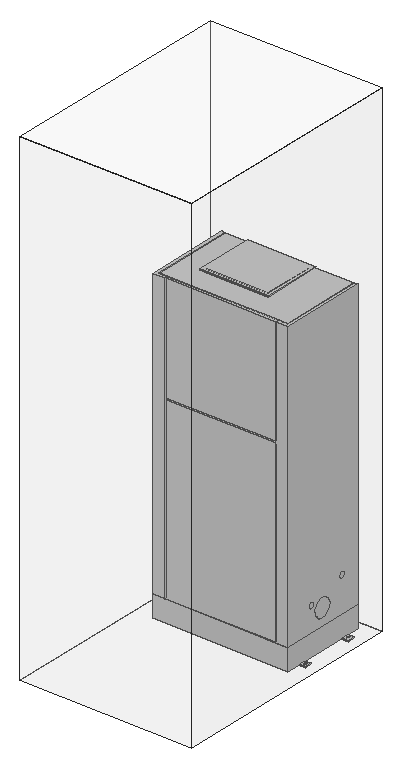
Revit family "pfav-p167_1600dmj1-f_60Hz", category 機械設備, Revit 2019
Family settings
  丸型コネクタ寸法 = 直径を使用
  パーツ タイプ = 標準
  OmniClass 番号 = 23.75.10.24.21.27.27
  OmniClass タイトル = Split System Air Conditioning Units
  作業面ベース = いいえ
  常に垂直 = はい
  ロード時にボイドで切り取り = いいえ
  共有 = いいえ
  部屋計算ポイント = いいえ
Parameters (values of type "PFAV-P167DMJ1-F")
  風量（m3／min） = 20
  風量 = MAX風量  # 1200.0 m³/h
  音響パワーレベル(dB) = 61
  電源種別 = ""
  電圧_電気ヒーター = 0 V
  電圧 = 200 V
  電動機出力_送風機 = 1200 W
  電動機出力_圧縮機 = 0 W
  運転質量 = 0.00 kg
  連動 = ""
  質量 = if(製品質量 > 運転質量, 製品質量, 運転質量) * 1.2  # 147.60 kg
  負荷分類 = 3_ファン類
  説明 = "設備用パッケージエアコン 空冷床置形・冷暖兼用 ファシレアＤＤオールフレッシュシリーズ"
  設計暖房能力 [instance] = 0 kW
  設計冷房能力_顕熱 [instance] = 0 kW
  設計冷房能力 [instance] = 0 kW
  設置方法 = "床置形"
  記号 [instance] = ""
  製造元 = "三菱電機株式会社"
  製品質量 = 123.00 kg
  製品出荷対象 = "国内"
  製品リリース年月 = "2017年4月18日"
  製品グループ = ""
  系統 [instance] = ""
  符号 = "PAC-FRV(J)"
  積算_科目 = "1 空気調和設備"
  積算_拾い区分 [instance] = ""
  相_電気ヒーター = 1
  相 = 3
  盤記号 [instance] = ""
  発停方法 = ""
  特殊仕様 [instance] = ""
  火災停止 = ""
  消費電力_電気ヒーター = 0 W
  消費電力_暖房 = 80 W
  消費電力_加湿器 = 0 W
  消費電力_冷房 = 80 W
  消費電力 = if(消費電力_冷房 > 消費電力_暖房, 消費電力_冷房, 消費電力_暖房) + 消費電力_加湿器 + 消費電力_電気ヒーター  # 80 W
  法定耐用年数 = "15"
  機械基礎質量 [instance] = 0.00 kg
  機械基礎_W = 0.00 mm
  機械基礎_H = 0.00 mm
  機械基礎_D = 0.00 mm
  機械基礎 [instance] = yes
  機外静圧 = 30.0 Pa
  極数 = 3
  材質 [instance] = ""
  本体マテリアル = none
  有効加湿量 = 0
  最小電線太さ_mm2 = 1.6
  最大電流値 = 5 A
  暖房能力 = 12.5 kW
  推奨ブレーカー容量 = 15 A
  形式_加湿器 = ""
  形式 = "床置（露出）立形"
  形名 = PFAV-P-DMJ-F : PFAV-P167DMJ1-F
  幹線記号 [instance] = ""
  始動方式 = "直入"
  呼称 = "パッケージ形空気調和機_室内機"
  周波数 = 60 Hz
  台数_手元リモコン [instance] = ""
  台数_冷媒分岐ユニット [instance] = ""
  参照している仕様書等のバージョン = "公共建築工事標準仕様書（機械設備工事編）平成31年度版"
  加湿給水管径 = 27.00 mm
  分類コード = "50053003083040"
  分類グループ = ""
  冷房能力 = 14 kW
  冷媒高低圧ガス管径 = 0.00 mm
  冷媒管径符号 = "Bd"
  冷媒管径 = 100.00 mm
  冷媒液管径 = 9.52 mm
  冷媒ガス管径 = 15.88 mm
  価格 = 0
  企業コード = "108420"
  付属品_フィルター = ""
  付属品 [instance] = ""
  仕様書バージョン = "Version1.0"
  モデル = "PFAV-P167DMJ1-F"
  ドレン管径 = 34.00 mm
  ダクト高_OA = 406 mm
  ダクト高 = 334 mm
  ダクト幅_OA = 668 mm
  ダクト幅 = 383 mm
  サービススペース = yes
  コメント [instance] = ""
  Keynote = ""
  Width = 760.00 mm
  Version = ""
  Uniclass2015Version = "Systems v1.9"
  Uniclass2015Title = "Split coil remote air cooled condensing units"
  Uniclass2015Code = "Pr_70_65_03_84"
  URL = "https://www.mitsubishielectric.co.jp/ldg/wink/ssl/displayProduct.do?pid=278596"
  S寸法 = 150.00 mm
  SpecificationReference = ""
  SpecificationDescription = ""
  Revision = ""
  ProductInformation = ""
  OmniClassCode = "23-33 17 13 11"
  OAダクト位置_縦 = 120.00 mm
  OAダクト位置_横 = 46.00 mm
  MAX風量 = 風量（m3／min） * 60.0 m³/h  # 1200.0 m³/h
  IfcTypeProduct = ""
  IfcProduct = ""
  IfcExportType = "AIRCONDITIONINGUNIT"
  IfcExportAs = "IfcUnitaryEquipmentType"
  Height = 1730.00 mm
  Depth = 485.00 mm
  Clearance Top = 1000.00 mm
  Clearance Right = 100.00 mm
  Clearance Left = 100.00 mm
  Clearance Front = 800.00 mm
  Clearance Back = 50.00 mm
  COP = 0
  Author = "三菱電機株式会社"
  APF = 4.7
Types (8, lengths in mm): name | 風量（m3／min） | 風量 | 音響パワーレベル(dB) | 電動機出力_送風機 | 質量 | 製品質量 | 消費電力_暖房 | 消費電力_冷房 | 消費電力 | 機外静圧 | 最小電線太さ_mm2 | 最大電流値 | 暖房能力 | 推奨ブレーカー容量 | 形名 | 冷房能力 | 冷媒管径符号 | 冷媒液管径 | 冷媒ガス管径 | モデル | ドレン管径 | ダクト高_OA | ダクト高 | ダクト幅_OA | ダクト幅 | Width | URL | OAダクト位置_縦 | OAダクト位置_横 | MAX風量 | Height | Depth | Clearance Left | Clearance Front | Clearance Back | APF
  PFAV-P167DMJ1-F | 20 | 1200.0 m³/h | 61 | 1200 W | 147.60 kg | 123.00 kg | 80 W | 80 W | 80 W | 30.0 Pa | 1.6 | 5 A | 12.5 kW | 15 A | PFAV-P-DMJ-F : PFAV-P167DMJ1-F | 14 kW | "Bd" | 9.52 | 15.88 | "PFAV-P167DMJ1-F" | 34.00 | 406 | 334 | 668 | 383 | 760.00 | "https://www.mitsubishielectric.co.jp/ldg/wink/ssl/displayProduct.do?pid=278596" | 120.00 | 46.00 | 1200.0 m³/h | 1730.00 | 485.00 | 100.00 | 800.00 | 50.00 | 4.7
  PFAV-P530DMJ1-F | 70 | 4200.0 m³/h | 76 | 3000 W | 248.40 kg | 207.00 kg | 680 W | 680 W | 680 W | 110.0 Pa | 1.6 | 8.8 A | 45 kW | 15 A | PFAV-P-DMJ-F : PFAV-P530DMJ1-F | 53 kW | "Ch" | 12.70 | 28.58 | "PFAV-P530DMJ1-F" | 34.00 | 605 | 489 | 1126 | 1046 | 1200.00 | "https://www.mitsubishielectric.co.jp/ldg/wink/ssl/displayProduct.do?pid=278599" | 553.00 | 37.00 | 4200.0 m³/h | 1897.00 | 635.00 | 100.00 | 800.00 | 50.00 | 5
  PFAV-P670DMJ1-F | 90 | 5400.0 m³/h | 75 | 3000 W | 248.40 kg | 207.00 kg | 1400 W | 1400 W | 1400 W | 110.0 Pa | 1.6 | 8.8 A | 63 kW | 15 A | PFAV-P-DMJ-F : PFAV-P670DMJ1-F | 63 kW | "Ei" | 19.05 | 31.75 | "PFAV-P670DMJ1-F" | 34.00 | 605 | 489 | 1126 | 1046 | 1200.00 | "https://www.mitsubishielectric.co.jp/ldg/wink/ssl/displayProduct.do?pid=278600" | 553.00 | 37.00 | 5400.0 m³/h | 1897.00 | 635.00 | 100.00 | 800.00 | 50.00 | 0
  PFAV-P265DMJ1-F | 35 | 2100.0 m³/h | 68 | 1200 W | 165.60 kg | 138.00 kg | 300 W | 300 W | 300 W | 50.0 Pa | 1.6 | 5.8 A | 20 kW | 15 A | PFAV-P-DMJ-F : PFAV-P265DMJ1-F | 22.4 kW | "Be" | 9.52 | 19.05 | "PFAV-P265DMJ1-F" | 34.00 | 407 | 334 | 888 | 715 | 980.00 | "https://www.mitsubishielectric.co.jp/ldg/wink/ssl/displayProduct.do?pid=278597" | 120.00 | 46.00 | 2100.0 m³/h | 1730.00 | 485.00 | 100.00 | 800.00 | 50.00 | 5.1
  PFAV-P335DMJ1-F | 65 | 3900.0 m³/h | 68 | 1200 W | 170.40 kg | 142.00 kg | 390 W | 390 W | 390 W | 80.0 Pa | 1.6 | 5.8 A | 26.5 kW | 15 A | PFAV-P-DMJ-F : PFAV-P335DMJ1-F | 28 kW | "Bf" | 9.52 | 22.20 | "PFAV-P335DMJ1-F" | 34.00 | 407 | 334 | 888 | 715 | 980.00 | "https://www.mitsubishielectric.co.jp/ldg/wink/ssl/displayProduct.do?pid=278598" | 120.00 | 46.00 | 3900.0 m³/h | 1730.00 | 485.00 | 100.00 | 800.00 | 50.00 | 5
  PFAV-P1000DMJ1-F | 120 | 7200.0 m³/h | 78 | 7500 W | 508.80 kg | 424.00 kg | 1290 W | 1290 W | 1290 W | 190.0 Pa | 2 | 19.3 A | 71 kW | 40 A | PFAV-P-DMJ-F : PFAV-P1000DMJ1-F | 80 kW | "Ei" | 19.10 | 31.80 | "PFAV-P1000DMJ1-F" | 42.70 | 1632 | 416 | 1547 | 554 | 1750.00 | "https://www.mitsubishielectric.co.jp/ldg/wink/ssl/displayProduct.do?pid=278601" | 161.00 | 177.00 | 7200.0 m³/h | 1830.00 | 1064.00 | 750.00 | 800.00 | 400.00 | 0
  PFAV-P1250DMJ1-F | 150 | 9000.0 m³/h | 77 | 7500 W | 529.20 kg | 441.00 kg | 1460 W | 1460 W | 1460 W | 245.0 Pa | 5.5 | 21 A | 90 kW | 40 A | PFAV-P-DMJ-F : PFAV-P1250DMJ1-F | 112 kW | "Ek" | 19.10 | 38.10 | "PFAV-P1250DMJ1-F" | 42.70 | 1632 | 416 | 1547 | 554 | 1750.00 | "https://www.mitsubishielectric.co.jp/ldg/wink/ssl/displayProduct.do?pid=278615" | 161.00 | 177.00 | 9000.0 m³/h | 1830.00 | 1064.00 | 750.00 | 800.00 | 400.00 | 0
  PFAV-P1600DMJ1-F | 200 | 12000.0 m³/h | 82 | 7500 W | 604.80 kg | 504.00 kg | 2010 W | 2010 W | 2010 W | 235.0 Pa | 5.5 | 21 A | 160 kW | 40 A | PFAV-P-DMJ-F : PFAV-P1600DMJ1-F | 140 kW | "Ek" | 19.10 | 38.10 | "PFAV-P1600DMJ1-F" | 42.70 | 1632 | 416 | 1842 | 554 | 2045.00 | "https://www.mitsubishielectric.co.jp/ldg/wink/ssl/displayProduct.do?pid=278591" | 161.00 | 177.00 | 12000.0 m³/h | 1830.00 | 1064.00 | 750.00 | 850.00 | 400.00 | 0
Reference planes
  plane 1: z = 0
  plane 2: z = 1730
  plane 3: z = 0
  plane 4: z = 2730
  plane 5 "中心(正面/背面)": y = -242.5
  plane 6 "中心(左/右)": x = 0
  plane 7 "左": x = -380
  plane 8 "右": x = 380
  plane 9 "正面": y = -485
  plane 10 "背面": y = 0
  plane 11: y = 150
  plane 12: x = -530
  plane 13: y = -635
  plane 14: y = 50
  plane 15: y = -1285
  plane 16: x = -480
  plane 17: x = 480
  plane 18: x = 530
Dimensions and locks
  "Height": plane 2 to plane 3
  "Clearance Top": plane 4 to plane 2
  equal spacing: plane 7 "左", plane 6 "中心(左/右)", plane 8 "右"
  "Width": plane 7 "左" to plane 8 "右"
  equal spacing: plane 9 "正面", plane 5 "中心(正面/背面)", plane 10 "背面"
  "Depth": plane 9 "正面" to plane 10 "背面"
  "S寸法": plane 10 "背面" to plane 11
  "S寸法": plane 13 to plane 9 "正面"
  "S寸法": plane 12 to plane 7 "左"
  "Clearance Left": plane 16 to plane 7 "左"
  "Clearance Right": plane 8 "右" to plane 17
  "Clearance Front": plane 15 to plane 9 "正面"
  "Clearance Back": plane 10 "背面" to plane 14
  "S寸法": plane 8 "右" to plane 18
  "機械基礎_H": plane 3 to level
  aligned and locked: level to plane 1
  aligned and locked: plane 17 to nested 1
  aligned and locked: plane 15 to nested 1
  aligned and locked: nested 1 to plane 16
  aligned and locked: nested 1 to plane 14
  aligned and locked: plane 4 to nested 1
  aligned and locked: plane 6 "中心(左/右)" to nested 2
  aligned and locked: plane 5 "中心(正面/背面)" to nested 2
  aligned and locked: plane 1 to nested 1
  aligned and locked: plane 3 to nested 2
Nested families
  nested 1: "サービススペース(PFAV-P-DMJ-F)" at (0, -617.5, 1365), visible <- "サービススペース", type "サービススペース(PFAV-P-DMJ-F)"
    with Width 960.00 mm, Height 2730.00 mm, Depth 1335.00 mm
  nested 2: "PFAV-P-DMJ-F" at (0, -242.5, 0), type <- "形名", マテリアル1 <- "本体マテリアル", type "PFAV-P167DMJ1-F"
    with 表示 yes, マテリアル2 none, マテリアル1 none
Connectors
  hvac at (-27.5, -186, 1750), driven by "ダクト幅", driven by "ダクト高", driven by "機外静圧", driven by "風量"
    settings: on nested 2, index 1, duct flow 1200.0 m³/h, flow factor 0, pres drop 30.0 Pa, loss coef 0, conn angle 0.00°, conn width 334 mm, conn height 383 mm, conn diameter 609.6 mm, duct sys type 1, conn prof type 1, flow config 1, flow direction 2, loss method 4, conn ref index -1, conn util no, is conn primary yes, conn desc ""
  piping at (383, -249, 217), diameter 100, driven by "冷媒管径", driven by "冷媒管径符号"
    settings: on nested 2, index 2, connector inside diameter 609.60 mm, connector length 0.00 mm, flow factor 0, pipe flow 0.0 L/s, pressure drop 0.0 Pa, fitting loss kfactor 0, connector angle 0.00°, fixture units 0, engagement length 0.00 mm, angle of deflection 0.00°, flow configuration 1, flow direction 1, fitting loss method 4, system type 7, joint type 0, gender type 0, connector reference index -1, connector utility 0, adjustable connector no, is connector primary yes, connector description "Bd"
  electrical at (383, -326, 262), driven by "極数", driven by "負荷分類", driven by "電圧", driven by "消費電力"
    settings: on nested 2, index 4, voltage 200 V, apparent load 80 VA, apparent load phase1 0 VA, apparent load phase2 0 VA, apparent load phase3 0 VA, power factor 1, load classification "3_ファン類", number of poles 3, system type 30, power factor state 1, is connector primary yes, connector utility no, sub classification motor no, connector description ""
  hvac at (0, 41, 323), driven by "機外静圧", driven by "風量", driven by "ダクト高_OA", driven by "ダクト幅_OA"
    settings: on nested 2, index 5, duct flow 1200.0 m³/h, flow factor 0, pres drop 30.0 Pa, loss coef 0, conn angle 0.00°, conn width 668 mm, conn height 406 mm, conn diameter 609.6 mm, duct sys type 2, conn prof type 1, flow config 1, flow direction 1, loss method 4, conn ref index -1, conn util no, is conn primary no, conn desc ""
  piping at (-381, -240, 54), diameter 34, driven by "ドレン管径"
    settings: on nested 2, index 6, connector inside diameter 609.60 mm, connector length 0.00 mm, flow factor 0, pipe flow 0.0 L/s, pressure drop 0.0 Pa, fitting loss kfactor 0, connector angle 0.00°, fixture units 0, engagement length 0.00 mm, angle of deflection 0.00°, flow configuration 1, flow direction 2, fitting loss method 4, system type 16, joint type 0, gender type 0, connector reference index -1, connector utility 0, adjustable connector no, is connector primary no, connector description ""
  piping at (180, 1, 54), diameter 34, driven by "ドレン管径"
    settings: on nested 2, index 7, connector inside diameter 609.60 mm, connector length 0.00 mm, flow factor 0, pipe flow 0.0 L/s, pressure drop 0.0 Pa, fitting loss kfactor 0, connector angle 0.00°, fixture units 0, engagement length 0.00 mm, angle of deflection 0.00°, flow configuration 1, flow direction 2, fitting loss method 4, system type 17, joint type 0, gender type 0, connector reference index -1, connector utility 0, adjustable connector no, is connector primary no, connector description ""
Definition of nested family "サービススペース(PFAV-P-DMJ-F)"
  Parameters (values of type "サービススペース")
    Width [instance] = 500.00 mm
    Height [instance] = 500.00 mm
    Depth [instance] = 500.00 mm
  Reference planes
    plane 1 "中心(正面/背面)": y = 0
    plane 2: z = 0
    plane 3 "中心(左/右)": x = 0
    plane 4: y = -250
    plane 5: x = 250
    plane 6: y = 250
    plane 7: x = -250
    plane 8: z = 250
    plane 9: z = -250
  Forms (mm)
    Extrusion 1, solid
      sketch origin (-638.939, 0, 72.39) x (1, 0, 0) y (0, 1, 0)
        loop
          line (388.939, 250) -> (388.939, -250) -> (888.939, -250) -> (888.939, 250) -> (388.939, 250)
      from -322.39 to 177.61
  Lines and regions (mm)
    symbolic lines
      curve 1: line (-250, 0, 250) -> (250, 0, 250)
      curve 2: line (-250, 0, -250) -> (-250, 0, 250)
      curve 3: line (250, 0, -250) -> (-250, 0, -250)
      curve 4: line (250, 0, 250) -> (250, 0, -250)
      curve 5: line (0, -250, 250) -> (0, 250, 250)
      curve 6: line (0, -250, -250) -> (0, -250, 250)
      curve 7: line (0, 250, -250) -> (0, -250, -250)
      curve 8: line (0, 250, 250) -> (0, 250, -250)
      curve 9: line (-250, 250, 0) -> (250, 250, 0)
      curve 10: line (-250, -250, 0) -> (-250, 250, 0)
      curve 11: line (250, -250, 0) -> (-250, -250, 0)
      curve 12: line (250, 250, 0) -> (250, -250, 0)
  Dimensions and locks
    equal spacing: plane 7, plane 3 "中心(左/右)", plane 5
    equal spacing: plane 4, plane 1 "中心(正面/背面)", plane 6
    "Depth": plane 4 to plane 6
    "Width": plane 7 to plane 5
    equal spacing: plane 8, plane 2, plane 9
    "Height": plane 8 to plane 9
    aligned and locked: plane 9 to curve 3
    aligned and locked: plane 7 to curve 2
    aligned and locked: curve 4 to plane 5
    aligned and locked: plane 5 to Extrusion 1
    aligned and locked: Extrusion 1 to plane 7
    aligned and locked: Extrusion 1 to plane 9
    aligned and locked: plane 8 to Extrusion 1
    aligned and locked: plane 9 to curve 7
  Automatic sketch dimensions
    plane 4 to Extrusion 1 sketch curve = 0.00 mm
    Extrusion 1 sketch curve to plane 7 = 0.00 mm
    Extrusion 1 sketch curve to plane 5 = 0.00 mm
    plane 6 to Extrusion 1 sketch curve = 0.00 mm
    curve 2 to plane 8 = 0.00 mm
    plane 4 to curve 11 = 0.00 mm
    curve 11 to plane 7 = 0.00 mm
    curve 11 to plane 5 = 0.00 mm
    plane 6 to curve 10 = 0.00 mm
    curve 7 to plane 4 = 0.00 mm
    curve 7 to plane 6 = 0.00 mm
    curve 6 to plane 8 = 0.00 mm
Definition of nested family "PFAV-P-DMJ-F"
  Parameters (values of type "PFAV-P1000DMJ1-F")
    液径 = 15.88 mm
    液-W = 0.00 mm
    液-H = 255.00 mm
    液-D = 408.00 mm
    吸込ダクト_P530_670 = no
    吸込ダクト_P265_335 = no
    吸込ダクト_P167 = no
    吸込ダクト_P1600 = no
    吸込ダクト_P1000_1250 = no
    ドレン② = yes
    ドレン① = no
    ①高 = 1830.00 mm
    電源径 = 27.00 mm
    電源-W = 0.00 mm
    電源-H = 249.00 mm
    電源-D = 475.00 mm
    表示 [instance] = yes
    ①幅 = 1750.00 mm
    ①奥行 = 1064.00 mm
    吊りボルト径 = 12.00 mm
    吊りボルト-W = 1806.00 mm
    吊りボルト-D = 931.00 mm
    吊りボルト-H = 0.00 mm
    加湿給水管径 = 27.00 mm
    加湿給水-W = 0.00 mm
    加湿給水-H = 260.00 mm
    加湿給水-D = 649.00 mm
    冷媒径 = 100.00 mm
    ガス径 = 28.58 mm
    ガス-W = 0.00 mm
    ガス-H = 215.00 mm
    ガス-D = 313.00 mm
    マテリアル2 [instance] = none
    マテリアル1 [instance] = none
    ドレン径 = 34.00 mm
    ドレン-W = 875.00 mm
    ドレン-H = 40.00 mm
    ドレン-D = 314.00 mm
    w = 554.00 mm
    h = 30.00 mm
    e = 600.00 mm
    c = 3.00 mm
    d = 416.00 mm
    b = 492.00 mm
    a = 395.00 mm
    OAダクト高さ = 1632.00 mm
    OAダクト幅 = 1547.00 mm
    OAダクト奥行 = -1.00 mm
    OAダクト位置_縦 = 161.00 mm
    OAダクト位置_横 = 177.00 mm
  Types (8, lengths in mm): name | 液径 | 液-H | 液-D | ドレン② | ドレン① | ①高 | 電源-H | 電源-D | ①幅 | ①奥行 | 吊りボルト-W | 吊りボルト-D | 加湿給水-H | 加湿給水-D | ガス径 | ガス-H | ガス-D | ドレン-W | ドレン-H | ドレン-D | w | h | c | d | b | a | OAダクト高さ | OAダクト幅 | OAダクト奥行 | OAダクト位置_縦 | OAダクト位置_横
    PFAV-P167DMJ1-F | 9.52 | 172.00 | 249.00 | no | yes | 1730.00 | 262.00 | 326.00 | 760.00 | 485.00 | 806.00 | 300.00 | 322.00 | 111.00 | 15.88 | 262.00 | 249.00 | 200.00 | 54.00 | 240.00 | 343.00 | 20.00 | 10.00 | 294.00 | 216.00 | 19.00 | 406.00 | 668.00 | -41.00 | 120.00 | 46.00
    PFAV-P265DMJ1-F | 9.52 | 172.00 | 249.00 | no | yes | 1730.00 | 262.00 | 326.00 | 980.00 | 485.00 | 1026.00 | 300.00 | 322.00 | 111.00 | 19.05 | 262.00 | 249.00 | 200.00 | 54.00 | 240.00 | 675.00 | 20.00 | 10.00 | 294.00 | 171.00 | 22.00 | 407.00 | 888.00 | -41.00 | 120.00 | 46.00
    PFAV-P335DMJ1-F | 9.52 | 172.00 | 249.00 | no | yes | 1730.00 | 262.00 | 326.00 | 980.00 | 485.00 | 1026.00 | 300.00 | 322.00 | 111.00 | 19.05 | 262.00 | 249.00 | 200.00 | 54.00 | 240.00 | 675.00 | 20.00 | 10.00 | 294.00 | 171.00 | 22.00 | 407.00 | 888.00 | -41.00 | 120.00 | 46.00
    PFAV-P530DMJ1-F | 12.70 | 203.00 | 254.00 | no | yes | 1897.00 | 249.00 | 475.00 | 1200.00 | 635.00 | 1246.00 | 440.00 | 249.00 | 321.00 | 28.58 | 209.00 | 128.00 | 200.00 | 64.00 | 314.00 | 1006.00 | 3.00 | 10.00 | 449.00 | 77.00 | 24.00 | 605.00 | 1126.00 | -39.00 | 553.00 | 37.00
    PFAV-P670DMJ1-F | 12.70 | 203.00 | 254.00 | no | yes | 1897.00 | 249.00 | 475.00 | 1200.00 | 635.00 | 1246.00 | 440.00 | 249.00 | 321.00 | 28.58 | 209.00 | 128.00 | 200.00 | 64.00 | 314.00 | 1006.00 | 3.00 | 10.00 | 449.00 | 77.00 | 24.00 | 605.00 | 1126.00 | -39.00 | 553.00 | 37.00
    PFAV-P1000DMJ1-F | 15.88 | 255.00 | 408.00 | yes | no | 1830.00 | 249.00 | 475.00 | 1750.00 | 1064.00 | 1806.00 | 931.00 | 260.00 | 649.00 | 28.58 | 215.00 | 313.00 | 875.00 | 40.00 | 314.00 | 554.00 | 30.00 | 3.00 | 416.00 | 492.00 | 395.00 | 1632.00 | 1547.00 | -1.00 | 161.00 | 177.00
    PFAV-P1250DMJ1-F | 19.05 | 255.00 | 408.00 | yes | no | 1830.00 | 249.00 | 475.00 | 1750.00 | 1064.00 | 1806.00 | 931.00 | 260.00 | 649.00 | 31.75 | 215.00 | 313.00 | 875.00 | 40.00 | 314.00 | 554.00 | 30.00 | 3.00 | 416.00 | 492.00 | 395.00 | 1632.00 | 1547.00 | -1.00 | 161.00 | 177.00
    PFAV-P1600DMJ1-F | 19.05 | 255.00 | 218.00 | yes | no | 1830.00 | 249.00 | 475.00 | 2045.00 | 1064.00 | 2101.00 | 931.00 | 260.00 | 649.00 | 38.10 | 245.00 | 123.00 | 1023.00 | 40.00 | 314.00 | 554.00 | 30.00 | 3.00 | 416.00 | 639.00 | 395.00 | 1632.00 | 1842.00 | -1.00 | 161.00 | 177.00
  Reference planes
    plane 1 "中心(正面/背面)": y = 0
    plane 2: z = 0
    plane 3 "中心(左/右)": x = 0
    plane 4: x = 875
    plane 5: x = -875
    plane 6 "5-20_back": y = 532
    plane 7: y = -532
    plane 8: z = 1860
    plane 9: z = 1230
    plane 10: z = 1830
    plane 11: z = 120
    plane 12: y = 465.5
    plane 13: y = -465.5
    plane 14: x = 903
    plane 15: x = -903
    plane 16: y = 137
    plane 17: y = -452
    plane 18: z = 40
    plane 19: z = 249
    plane 20: y = 124
    plane 21: z = 255
    plane 22: z = 215
    plane 23: z = 1858
    plane 24: y = 219
    plane 25: x = 855
    plane 26: x = -855
    plane 27: z = 1227
    plane 28: y = -512
    plane 29: x = -805
    plane 30: x = 805
    plane 31: y = -529
    plane 32: x = 915
    plane 33: x = -915
    plane 34: y = 485.5
    plane 35: y = 445.5
    plane 36: y = -445.5
    plane 37: y = -485.5
    plane 38: y = 117
    plane 39: z = 5
    plane 40: x = 383
    plane 41: x = 363
    plane 42: x = -191
    plane 43: x = -211
    plane 44: y = -319
    plane 45: y = -299
    plane 46: y = 218
    plane 47: y = 57
    plane 48: x = 878
    plane 49: y = 171.5
    plane 50: z = 235
    plane 51: y = -117
    plane 52: z = 260
    plane 53: x = -876
    plane 54: y = 533
    plane 55: x = 0
    plane 56: x = -698
    plane 57: x = 849
    plane 58: z = 161
    plane 59: z = 1793
  Forms (mm)
    Extrusion 1, solid, material <- "マテリアル1", visible <- "表示", detail levels fine
      sketch origin (0, 0, -400) x (1, 0, 0) y (0, 1, 0)
        loop
          line (805, -512) -> (-805, -512) -> (-805, -529) -> (805, -529) -> (805, -512)
      from 1630 to 2230
    Extrusion 2, solid, material <- "マテリアル1", visible <- "表示", detail levels fine
      sketch origin (0, 0, -800) x (1, 0, 0) y (0, 1, 0)
        loop
          line (-805, -529) -> (805, -529) -> (805, -512) -> (-805, -512) -> (-805, -529)
      from 920 to 2027
    Extrusion 3, solid, material <- "マテリアル2", visible <- "表示", detail levels fine
      sketch origin (0, 0, 0) x (1, 0, 0) y (0, 1, 0)
        loop
          line (875, 485.5) -> (875, 445.5) -> (915, 445.5) -> (915, 485.5) -> (875, 485.5)
        loop
          line (875, -445.5) -> (875, -485.5) -> (915, -485.5) -> (915, -445.5) -> (875, -445.5)
        loop
          line (-915, 485.5) -> (-915, 445.5) -> (-875, 445.5) -> (-875, 485.5) -> (-915, 485.5)
        loop
          line (-915, -445.5) -> (-915, -485.5) -> (-875, -485.5) -> (-875, -445.5) -> (-915, -445.5)
        loop
          circle (-903, 465.5) r 6
        loop
          circle (903, 465.5) r 6
        loop
          circle (903, -465.5) r 6
        loop
          circle (-903, -465.5) r 6
      from 0 to 5
    Extrusion 4, solid, material <- "マテリアル2", visible <- "表示", detail levels fine
      sketch origin (0, -1140, 0) x (0, -1, 0) y (1, 0, 0)
        loop
          line (-1257, 363) -> (-1257, -191) -> (-841, -191) -> (-841, 363) -> (-1257, 363)
      from 1830 to 1858
    Extrusion 5, solid, material <- "マテリアル2", visible <- "表示", detail levels fine
      sketch origin (0, -1140, -430) x (0, -1, 0) y (1, 0, 0)
        loop
          line (-1277, 383) -> (-1277, -211) -> (-821, -211) -> (-821, 383) -> (-1277, 383)
      from 2288 to 2290
    Extrusion 6, solid, material <- "マテリアル1", visible <- "表示", detail levels fine
      sketch origin (-1437.329, -1524, 1860) x (-1, 0, 0) y (0, -1, 0)
        loop
          line (-562.329, -2056) -> (-562.329, -992) -> (-632.329, -992) -> (-632.329, -1012) -> (-582.329, -1012) -> (-582.329, -2056) -> (-562.329, -2056)
        loop
          line (-2292.329, -2056) -> (-2292.329, -1012) -> (-2242.329, -1012) -> (-2242.329, -992) -> (-2312.329, -992) -> (-2312.329, -2056) -> (-2292.329, -2056)
      from -1740 to -30
    Extrusion 7, solid, material <- "マテリアル1", visible <- "表示", detail levels fine
      sketch origin (-1437.329, -1524, 1860) x (-1, 0, 0) y (0, -1, 0)
        loop
          line (-2292.329, -2056) -> (-582.329, -2056) -> (-582.329, -1012) -> (-2292.329, -1012) -> (-2292.329, -2056)
      from -1740 to -30
    Extrusion 8, solid, material <- "マテリアル2", visible <- "表示", detail levels fine
      sketch origin (-1437.329, -1524, 1860) x (-1, 0, 0) y (0, -1, 0)
        loop
          line (-562.329, -2056) -> (-562.329, -992) -> (-2312.329, -992) -> (-2312.329, -2056) -> (-562.329, -2056)
      from -1860 to -1740
    Extrusion 9, solid, material <- "マテリアル2", visible <- "表示", detail levels fine
      sketch origin (875, 1296.25, 1200) x (0, 1, 0) y (0, 0, 1)
        loop
          circle (-1239.25, -951) r 13.5
        loop
          circle (-1413.25, -940) r 13.5
      from 0 to 3
    Extrusion 10, solid, material <- "マテリアル1", visible <- "表示", detail levels fine
      sketch origin (875, 1296.25, 1200) x (0, 1, 0) y (0, 0, 1)
        loop
          circle (-1124.75, -965) r 50
      from 0 to 3
    Extrusion 11, solid, material <- "マテリアル1", visible <- "ドレン①", detail levels fine
      sketch origin (-875, 1296.25, 1200) x (0, 1, 0) y (0, 0, 1)
        loop
          circle (-1078.25, -1160) r 17
      from -1 to 0
    Extrusion 12, solid, material <- "マテリアル1", visible <- "ドレン②", detail levels fine
      sketch origin (1480.036, -529, 2000) x (1, 0, 0) y (0, 0, 1)
        loop
          circle (-1480.036, -1960) r 17
      from -1062 to -1061
    Extrusion 13, solid, detail levels fine
      sketch origin (0, 532, 0) x (1, 0, 0) y (0, 0, 1)
        loop
          line (849, 1793) -> (-698, 1793) -> (-698, 161) -> (849, 161) -> (849, 1793)
      from 0 to -1 <- "OAダクト奥行"
  Lines and regions (mm)
    Masking region 1, visible <- "表示", detail levels coarse+medium
      outline origin (0, 0, 0) x (1, 0, 0) y (0, 1, 0)
        loop
          line (-875, 532) -> (-875, -532) -> (875, -532) -> (875, 532) -> (-875, 532)
    symbolic lines, visible <- "表示"
      curve 1: line (-875, 532, 1860) -> (-875, -532, 1860)
      curve 2: line (-875, -532, 1860) -> (875, -532, 1860)
      curve 3: line (875, -532, 1860) -> (875, 532, 1860)
      curve 4: line (875, 532, 1860) -> (-875, 532, 1860)
      curve 5: line (-211, 137, 1860) -> (-211, -319, 1860)
      curve 6: line (-211, -319, 1860) -> (383, -319, 1860)
      curve 7: line (383, -319, 1860) -> (383, 137, 1860)
      curve 8: line (383, 137, 1860) -> (-211, 137, 1860)
  Dimensions and locks
    equal spacing: plane 7, plane 1 "中心(正面/背面)", plane 6 "5-20_back"
    "①奥行": plane 7 to plane 6 "5-20_back"
    equal spacing: plane 5, plane 3 "中心(左/右)", plane 4
    "①幅": plane 5 to plane 4
    locked: plane 11 to level at 120
    equal spacing: plane 13, plane 1 "中心(正面/背面)", plane 12
    "吊りボルト-D": plane 13 to plane 12
    equal spacing: plane 15, plane 3 "中心(左/右)", plane 14
    "吊りボルト-W": plane 15 to plane 14
    "a": plane 16 to plane 6 "5-20_back"
    locked: plane 7 to plane 17 at 80
    "ドレン-H": plane 18 to level
    "電源-H": plane 19 to level
    "液-H": plane 21 to level
    "e": plane 10 to plane 9
    "ガス-H": plane 22 to level
    "h": plane 8 to plane 10
    locked: plane 8 to plane 23 at 2
    locked: plane 5 to plane 26 at 20
    locked: plane 25 to plane 4 at 20
    "c": plane 9 to plane 27
    locked: plane 7 to plane 28 at 20
    locked: plane 26 to plane 29 at 50
    locked: plane 30 to plane 25 at 50
    locked: plane 7 to plane 31 at 3
    locked: plane 33 to plane 5 at 40
    locked: plane 4 to plane 32 at 40
    plane 37 to plane 13 to plane 36 = 20.00 mm locked, 20.00 mm locked
    plane 35 to plane 12 to plane 34 = 20.00 mm locked, 20.00 mm locked
    locked: plane 38 to plane 16 at 20
    locked: plane 39 to level at 5
    "b": plane 40 to plane 4
    locked: plane 43 to plane 42 at 20
    locked: plane 41 to plane 40 at 20
    "w": plane 42 to plane 41
    locked: plane 44 to plane 45 at 20
    "d": plane 45 to plane 38
    "①高": plane 10 to level
    "液-D": plane 20 to plane 6 "5-20_back"
    "ガス-D": plane 24 to plane 6 "5-20_back"
    "ドレン-D": plane 46 to plane 6 "5-20_back"
    "電源-D": plane 47 to plane 6 "5-20_back"
    locked: plane 4 to plane 48 at 3
    equal spacing: plane 20, plane 49, plane 24
    equal spacing: plane 21, plane 50, plane 22
    "加湿給水-D": plane 51 to plane 6 "5-20_back"
    "加湿給水-H": plane 52 to level
    locked: plane 53 to plane 5 at 1
    locked: plane 6 "5-20_back" to plane 54 at 1
    "ドレン-W": plane 55 to plane 4
    "OAダクト幅": plane 57 to plane 56
    "OAダクト位置_縦": level to plane 58
    "OAダクト高さ": plane 58 to plane 59
    "OAダクト位置_横": plane 56 to plane 5
    "吊りボルト径": diameter of Extrusion 3 sketch curve  (x4)
    "電源径": diameter of Extrusion 9 sketch curve
    "冷媒径": diameter of Extrusion 10 sketch curve
    "加湿給水管径": diameter of Extrusion 9 sketch curve
    "ドレン径": diameter of Extrusion 11 sketch curve
    "ドレン径": diameter of Extrusion 12 sketch curve
    aligned and locked: level to plane 2
    aligned and locked: plane 13 to nested 1
    aligned and locked: plane 14 to nested 1
    aligned and locked: plane 15 to nested 1
    aligned and locked: nested 1 to plane 12
    aligned and locked: Extrusion 2 to plane 11
    aligned and locked: Extrusion 1 to plane 9
    aligned and locked: Extrusion 5 to plane 23
    aligned and locked: plane 8 to Extrusion 5
    aligned and locked: Extrusion 6 to plane 11
    aligned and locked: Extrusion 4 to Extrusion 5
    aligned and locked: Extrusion 4 to plane 10
    aligned and locked: plane 10 to Extrusion 6
    aligned and locked: plane 10 to Extrusion 1
    aligned and locked: plane 27 to Extrusion 2
    aligned and locked: Extrusion 2 sketch curve to plane 28
    aligned and locked: Extrusion 6 sketch curve to plane 7  (x2)
    aligned and locked: Extrusion 6 sketch curve to plane 29
    aligned and locked: Extrusion 6 sketch curve to plane 30
    aligned and locked: Extrusion 6 sketch curve to plane 25
    aligned and locked: plane 28 to Extrusion 6 sketch curve  (x2)
    aligned and locked: Extrusion 2 sketch curve to plane 29
    aligned and locked: Extrusion 2 sketch curve to plane 30
    aligned and locked: plane 31 to Extrusion 2 sketch curve
    aligned and locked: Extrusion 1 sketch curve to plane 30
    aligned and locked: Extrusion 1 sketch curve to plane 29
    aligned and locked: Extrusion 1 sketch curve to plane 28
    aligned and locked: Extrusion 1 sketch curve to plane 31
    aligned and locked: Extrusion 7 sketch curve to plane 6 "5-20_back"
    aligned and locked: Extrusion 7 sketch curve to plane 26
    aligned and locked: Extrusion 7 sketch curve to plane 28
    aligned and locked: Extrusion 7 sketch curve to plane 25
    aligned and locked: plane 10 to Extrusion 7
    aligned and locked: Extrusion 7 to plane 11
    aligned and locked: plane 34 to Extrusion 3 sketch curve  (x2)
    aligned and locked: plane 4 to Extrusion 3 sketch curve  (x2)
    aligned and locked: Extrusion 3 sketch curve to plane 35  (x2)
    aligned and locked: Extrusion 3 sketch curve to plane 32  (x2)
    aligned and locked: plane 36 to Extrusion 3 sketch curve  (x2)
    aligned and locked: Extrusion 3 sketch curve to plane 37  (x2)
    aligned and locked: plane 33 to Extrusion 3 sketch curve  (x2)
    aligned and locked: Extrusion 3 sketch curve to plane 5  (x2)
    aligned and locked: plane 12 to Extrusion 3 sketch curve  (x2)
    aligned and locked: plane 15 to Extrusion 3 sketch curve  (x2)
    aligned and locked: plane 13 to Extrusion 3 sketch curve  (x2)
    aligned and locked: plane 14 to Extrusion 3 sketch curve  (x2)
    aligned and locked: Extrusion 3 to level
    aligned and locked: plane 39 to Extrusion 3
    aligned and locked: Extrusion 8 sketch curve to Extrusion 6
    aligned and locked: Extrusion 8 sketch curve to Extrusion 7
    aligned and locked: Extrusion 8 to level
    aligned and locked: plane 11 to Extrusion 8
    aligned and locked: Extrusion 4 sketch curve to plane 38
    aligned and locked: Extrusion 4 sketch curve to plane 45
    aligned and locked: Extrusion 4 sketch curve to plane 41
    aligned and locked: Extrusion 4 sketch curve to plane 42
    aligned and locked: Extrusion 5 sketch curve to plane 40
    aligned and locked: Extrusion 5 sketch curve to plane 16
    aligned and locked: Extrusion 5 sketch curve to plane 44
    aligned and locked: Extrusion 5 sketch curve to plane 43
    aligned and locked: Masking region 1 sketch curve to Extrusion 8
    aligned and locked: Masking region 1 sketch curve to Extrusion 6
    aligned and locked: Masking region 1 sketch curve to plane 7
    aligned and locked: Masking region 1 sketch curve to plane 4
    aligned and locked: curve 1 to Masking region 1
    aligned and locked: curve 3 to Masking region 1
    aligned and locked: curve 4 to Masking region 1
    aligned and locked: curve 5 to Extrusion 5
    aligned and locked: curve 6 to Extrusion 5
    aligned and locked: curve 7 to Extrusion 5
    aligned and locked: curve 8 to Extrusion 5
    aligned and locked: plane 47 to Extrusion 9 sketch curve
    aligned and locked: plane 19 to Extrusion 9 sketch curve
    aligned and locked: Extrusion 9 to plane 4
    aligned and locked: plane 48 to Extrusion 9
    aligned and locked: plane 49 to Extrusion 10 sketch curve
    aligned and locked: plane 50 to Extrusion 10 sketch curve
    aligned and locked: Extrusion 10 to plane 4
    aligned and locked: plane 48 to Extrusion 10
    aligned and locked: plane 52 to Extrusion 9 sketch curve
    aligned and locked: plane 51 to Extrusion 9 sketch curve
    aligned and locked: plane 5 to Extrusion 6 sketch curve
    aligned and locked: plane 4 to Extrusion 6 sketch curve
    aligned and locked: Extrusion 8 sketch curve to plane 7
    aligned and locked: plane 4 to Extrusion 8 sketch curve
    aligned and locked: plane 46 to Extrusion 11 sketch curve
    aligned and locked: plane 18 to Extrusion 11 sketch curve
    aligned and locked: Extrusion 11 to plane 53
    aligned and locked: plane 5 to Extrusion 11
    aligned and locked: plane 18 to Extrusion 12 sketch curve
    aligned and locked: plane 55 to Extrusion 12 sketch curve
    aligned and locked: Extrusion 12 to plane 54
    aligned and locked: plane 6 "5-20_back" to Extrusion 12
    aligned and locked: plane 59 to Extrusion 13
    aligned and locked: Extrusion 13 to plane 58
    aligned and locked: Extrusion 13 to plane 56
    aligned and locked: plane 57 to Extrusion 13
  Automatic sketch dimensions
    Extrusion 6 sketch curve to plane 26 = 0.00 mm
    plane 6 "5-20_back" to Extrusion 6 sketch curve = 0.00 mm  (x2)
    plane 28 to Extrusion 2 sketch curve = 0.00 mm
    plane 7 to curve 2 = 0.00 mm
    Extrusion 13 sketch curve to plane 42 = 507.00 mm
    plane 40 to Extrusion 13 sketch curve = 466.00 mm
    level to Extrusion 13 sketch curve = 161.00 mm
    Extrusion 13 sketch curve to Extrusion 13 sketch curve = 1632.00 mm
  Nested families
    nested 1: "固定点" at (-903, -465.5, 0), visible <- "表示", type "固定点", detail levels fine
      with W 1806.00 mm, D 931.00 mm, 中心円 12.00 mm
  Definition of nested family "固定点"
    Parameters (values of type "固定点")
      中心円 = 20.00 mm
      W [instance] = 1000.00 mm
      D [instance] = 1000.00 mm
    Reference planes
      plane 1 "中心(正面/背面)": y = 0
      plane 2: z = 0
      plane 3 "中心(左/右)": x = 0
      plane 4: x = 1000
      plane 5: y = 1000
    Lines and regions (mm)
      symbolic lines, detail levels fine
        curve 1: circle (0, 1000, 0) r 10 normal (0, 0, 1)
        curve 2: circle (0, 0, 0) r 10 normal (0, 0, 1)
        curve 3: circle (1000, 1000, 0) r 10 normal (0, 0, 1)
        curve 4: circle (1000, 0, 0) r 10 normal (0, 0, 1)
        curve 5: line (-200, 1000, 0) -> (1200, 1000, 0)
        curve 6: line (-200, 0, 0) -> (1200, 0, 0)
        curve 7: line (0, 1200, 0) -> (0, -200, 0)
        curve 8: line (1000, 1200, 0) -> (1000, -200, 0)
    Dimensions and locks
      "W": plane 3 "中心(左/右)" to plane 4
      "D": plane 1 "中心(正面/背面)" to plane 5
      "中心円": diameter of curve 1
      "中心円": diameter of curve 2
      "中心円": diameter of curve 3
      "中心円": diameter of curve 4
      aligned and locked: level to plane 2
      aligned and locked: plane 5 to curve 1
      aligned and locked: plane 3 "中心(左/右)" to curve 1
      aligned and locked: plane 3 "中心(左/右)" to curve 2
      aligned and locked: plane 1 "中心(正面/背面)" to curve 2
      aligned and locked: plane 4 to curve 3
      aligned and locked: plane 5 to curve 3
      aligned and locked: plane 1 "中心(正面/背面)" to curve 4
      aligned and locked: plane 4 to curve 4
      aligned and locked: plane 1 "中心(正面/背面)" to curve 6
      aligned and locked: curve 7 to plane 3 "中心(左/右)"
      aligned and locked: curve 8 to plane 4
    Automatic sketch dimensions
      curve 5 to plane 5 = 0.00 mm
      curve 6 to plane 3 "中心(左/右)" = 200.00 mm
      curve 5 to plane 3 "中心(左/右)" = 200.00 mm
      curve 4 to curve 6 = 200.00 mm
      curve 3 to curve 5 = 200.00 mm
      plane 1 "中心(正面/背面)" to curve 8 = 200.00 mm
      plane 1 "中心(正面/背面)" to curve 7 = 200.00 mm
      curve 3 to curve 8 = 200.00 mm
      curve 1 to curve 7 = 200.00 mm
